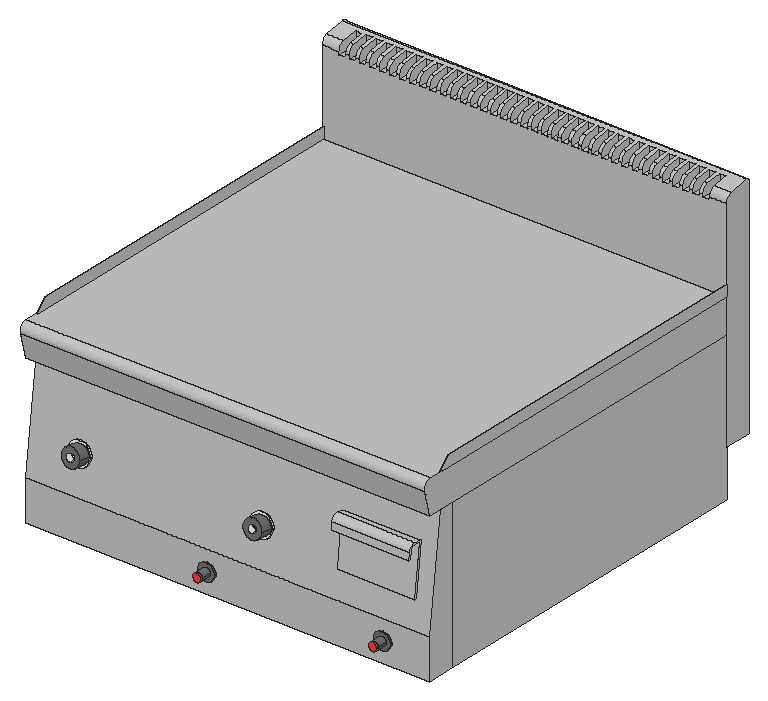
Revit family "QF_GIORIK_LGG6930", category Specialty Equipment, Revit 2014
Parameters (values of type "LGG6930")
  Weight in Pounds = 132.2772
  URL Cutsheet = "www.giorik.com"
  URL = "www.giorik.com"
  Status [instance] = ""
  Specification by User [instance] = ""
  Specification by Manufacturer = ""
  Show Logo [instance] = yes
  Show Clearance [instance] = yes
  Serial Number = ""
  Seismic Rating = ""
  SMACNA No = ""
  Revision Code [instance] = ""
  NAFEM Spec ID Number = ""
  Model = "LGG6930"
  Mechanical Remarks [instance] = "Natural Gas"
  Mechanical Connection Type [instance] = ""
  Masterspec = ""
  Manufacturer = "GIORIK"
  Item Number [instance] = ""
  Installed By [instance] = ""
  Identify Quantity as Lot [instance] = no
  Gas Size = 1"
  Gas RI Height [instance] = 0 mm
  Gas KW = 7.6
  Gas Input = 7600 W
  Gas Connection Height [instance] = 45 mm
  Furnished By [instance] = ""
  Foodservice Equipment Identifier [instance] = yes
  Description = "GRIDDLE SMOOTH"
  CSI MasterFormat = ""
  Assembly Code = "E1090320"
Reference planes
  plane 1 "Back": y = 0
  plane 2: z = 0
  plane 3 "Left": x = 0
  plane 4 "Right": x = 600
  plane 5 "Front": y = -600
  plane 6 "Top": z = 430
Forms (mm)
  Extrusion 1, solid
    sketch origin (0, 1000, -580) x (0, 1, 0) y (0, 0, 1)
      loop
        line (-1040.007, 869.975) -> (-1589.445, 869.975)
        arc (-1589.445, 869.975) -> (-1598.171, 865.672) -> (-1600.069, 856.13) r 10.999
        line (-1600.069, 856.13) -> (-1590.388, 820) -> (-1040.007, 820) -> (-1040.007, 869.975)
    from 0 to 600
  Extrusion 2, solid
    sketch origin (0, 0, -560) x (0, 1, 0) y (0, 0, 1)
      loop
        line (-570.06, 849.975) -> (-40.007, 849.975) -> (-40.007, 865.387) -> (-554.648, 865.387) -> (-570.06, 849.975)
    from 0 to 1.85
  Extrusion 3, solid
    sketch origin (0, 0, -560) x (0, 1, 0) y (0, 0, 1)
      loop
        line (-40.007, 800) -> (-550, 800) -> (-550, 580) -> (-40.007, 580) -> (-40.007, 800)
    from 0 to 600
  Extrusion 4, solid
    sketch origin (0, 0, -560) x (0, 1, 0) y (0, 0, 1)
      loop
        line (-550, 800) -> (-570.5, 800) -> (-590, 640) -> (-590, 580) -> (-550, 580) -> (-550, 800)
    from 0 to 600
  Extrusion 5, solid
    sketch origin (598.094, 0, -560) x (0, 1, 0) y (0, 0, 1)
      loop
        line (-570.06, 849.975) -> (-40.007, 849.975) -> (-40.007, 865.387) -> (-554.648, 865.387) -> (-570.06, 849.975)
    from -0.15 to 1.906
  Extrusion 6, solid
    sketch origin (0, 0, -560) x (0, 1, 0) y (0, 0, 1)
      loop
        line (-40.007, 974.217) -> (-40.007, 650.827) -> (0, 650.827) -> (0, 988.42)
        arc (0, 988.42) -> (-0.57, 989.648) -> (-1.878, 990) r 1.6
        line (-1.878, 990) -> (-31.072, 984.852)
        arc (-31.072, 984.852) -> (-37.477, 981.162) -> (-40.007, 974.217) r 10.797
    from 0 to 600
  Extrusion 7, solid
    sketch origin (103.819, 0, -561) x (1, 0, 0) y (0, 0, 1)
      loop
        circle (-38.319, 606) r 12.5
    from 20.007 to 40.007
  Extrusion 8, void
    sketch origin (10, 0, 430) x (0, 1, 0) y (-1, 0, 0)
      loop
        line (-40.007, -25) -> (-9.931, -25) -> (-9.931, -15) -> (-40.007, -15) -> (-40.007, -25)
      loop
        line (-40.007, -40) -> (-9.931, -40) -> (-9.931, -30) -> (-40.007, -30) -> (-40.007, -40)
      loop
        line (-40.007, -55) -> (-9.931, -55) -> (-9.931, -45) -> (-40.007, -45) -> (-40.007, -55)
      loop
        line (-40.007, -70) -> (-9.931, -70) -> (-9.931, -60) -> (-40.007, -60) -> (-40.007, -70)
      loop
        line (-40.007, -85) -> (-9.931, -85) -> (-9.931, -75) -> (-40.007, -75) -> (-40.007, -85)
      loop
        line (-40.007, -100) -> (-9.931, -100) -> (-9.931, -90) -> (-40.007, -90) -> (-40.007, -100)
      loop
        line (-40.007, -115) -> (-9.931, -115) -> (-9.931, -105) -> (-40.007, -105) -> (-40.007, -115)
      loop
        line (-40.007, -130) -> (-9.931, -130) -> (-9.931, -120) -> (-40.007, -120) -> (-40.007, -130)
      loop
        line (-40.007, -145) -> (-9.931, -145) -> (-9.931, -135) -> (-40.007, -135) -> (-40.007, -145)
      loop
        line (-40.007, -160) -> (-9.931, -160) -> (-9.931, -150) -> (-40.007, -150) -> (-40.007, -160)
      loop
        line (-40.007, -175) -> (-9.931, -175) -> (-9.931, -165) -> (-40.007, -165) -> (-40.007, -175)
      loop
        line (-40.007, -190) -> (-9.931, -190) -> (-9.931, -180) -> (-40.007, -180) -> (-40.007, -190)
      loop
        line (-40.007, -205) -> (-9.931, -205) -> (-9.931, -195) -> (-40.007, -195) -> (-40.007, -205)
      loop
        line (-40.007, -220) -> (-9.931, -220) -> (-9.931, -210) -> (-40.007, -210) -> (-40.007, -220)
      loop
        line (-40.007, -235) -> (-9.931, -235) -> (-9.931, -225) -> (-40.007, -225) -> (-40.007, -235)
      loop
        line (-40.007, -250) -> (-9.931, -250) -> (-9.931, -240) -> (-40.007, -240) -> (-40.007, -250)
      loop
        line (-40.007, -265) -> (-9.931, -265) -> (-9.931, -255) -> (-40.007, -255) -> (-40.007, -265)
      loop
        line (-40.007, -280) -> (-9.931, -280) -> (-9.931, -270) -> (-40.007, -270) -> (-40.007, -280)
      loop
        line (-40.007, -295) -> (-9.931, -295) -> (-9.931, -285) -> (-40.007, -285) -> (-40.007, -295)
      loop
        line (-40.007, -310) -> (-9.931, -310) -> (-9.931, -300) -> (-40.007, -300) -> (-40.007, -310)
      loop
        line (-40.007, -325) -> (-9.931, -325) -> (-9.931, -315) -> (-40.007, -315) -> (-40.007, -325)
      loop
        line (-40.007, -340) -> (-9.931, -340) -> (-9.931, -330) -> (-40.007, -330) -> (-40.007, -340)
      loop
        line (-40.007, -355) -> (-9.931, -355) -> (-9.931, -345) -> (-40.007, -345) -> (-40.007, -355)
      loop
        line (-40.007, -370) -> (-9.931, -370) -> (-9.931, -360) -> (-40.007, -360) -> (-40.007, -370)
      loop
        line (-40.007, -385) -> (-9.931, -385) -> (-9.931, -375) -> (-40.007, -375) -> (-40.007, -385)
      loop
        line (-40.007, -400) -> (-9.931, -400) -> (-9.931, -390) -> (-40.007, -390) -> (-40.007, -400)
      loop
        line (-40.007, -415) -> (-9.931, -415) -> (-9.931, -405) -> (-40.007, -405) -> (-40.007, -415)
      loop
        line (-40.007, -430) -> (-9.931, -430) -> (-9.931, -420) -> (-40.007, -420) -> (-40.007, -430)
      loop
        line (-40.007, -445) -> (-9.931, -445) -> (-9.931, -435) -> (-40.007, -435) -> (-40.007, -445)
      loop
        line (-40.007, -460) -> (-9.931, -460) -> (-9.931, -450) -> (-40.007, -450) -> (-40.007, -460)
      loop
        line (-40.007, -475) -> (-9.931, -475) -> (-9.931, -465) -> (-40.007, -465) -> (-40.007, -475)
      loop
        line (-40.007, -490) -> (-9.931, -490) -> (-9.931, -480) -> (-40.007, -480) -> (-40.007, -490)
      loop
        line (-40.007, -505) -> (-9.931, -505) -> (-9.931, -495) -> (-40.007, -495) -> (-40.007, -505)
      loop
        line (-40.007, -520) -> (-9.931, -520) -> (-9.931, -510) -> (-40.007, -510) -> (-40.007, -520)
      loop
        line (-40.007, -535) -> (-9.931, -535) -> (-9.931, -525) -> (-40.007, -525) -> (-40.007, -535)
      loop
        line (-40.007, -550) -> (-9.931, -550) -> (-9.931, -540) -> (-40.007, -540) -> (-40.007, -550)
      loop
        line (-40.007, -565) -> (-9.931, -565) -> (-9.931, -555) -> (-40.007, -555) -> (-40.007, -565)
    from 0 to -20
  Extrusion 9, solid
    sketch origin (566.603, 15.293, -30) x (0, 1, 0) y (-1, 0, 0)
      loop
        circle (-79.293, 516.603) r 5
    from 41.965 to 50
  Revolve 10, solid
    sketch origin (50, 19.943, -600) x (0, 1, 0) y (0, 0, 1)
      loop
        line (-83.943, 611.965) -> (-94.752, 611.965) -> (-97.943, 600) -> (-83.943, 600) -> (-83.943, 611.965)
      axis (-83.943, 611.965) -> (-83.943, 600)
    angle from 0 to 360
  Extrusion 11, solid
    sketch origin (33.397, 15.293, -30) x (0, 1, 0) y (-1, 0, 0)
      loop
        circle (-79.293, -516.603) r 5
    from 41.965 to 50
  Revolve 12, solid
    sketch origin (550, 19.943, -600) x (0, 1, 0) y (0, 0, -1)
      loop
        line (-83.943, -611.965) -> (-83.943, -600) -> (-97.943, -600) -> (-94.752, -611.965) -> (-83.943, -611.965)
      axis (-83.943, -611.965) -> (-83.943, -600)
    angle from 0 to 360
  Extrusion 13, solid
    sketch origin (566.603, -459.707, -30) x (0, 1, 0) y (-1, 0, 0)
      loop
        circle (-79.293, 516.603) r 5
    from 41.965 to 50
  Revolve 14, solid
    sketch origin (50, -455.057, -600) x (0, 1, 0) y (0, 0, 1)
      loop
        line (-83.943, 611.965) -> (-94.752, 611.965) -> (-97.943, 600) -> (-83.943, 600) -> (-83.943, 611.965)
      axis (-83.943, 611.965) -> (-83.943, 600)
    angle from 0 to 360
  Extrusion 15, solid
    sketch origin (33.397, -459.707, -30) x (0, 1, 0) y (-1, 0, 0)
      loop
        circle (-79.293, -516.603) r 5
    from 41.965 to 50
  Revolve 16, solid
    sketch origin (550, -455.057, -600) x (0, 1, 0) y (0, 0, -1)
      loop
        line (-83.943, -611.965) -> (-83.943, -600) -> (-97.943, -600) -> (-94.752, -611.965) -> (-83.943, -611.965)
      axis (-83.943, -611.965) -> (-83.943, -600)
    angle from 0 to 360
  Extrusion 17, solid
    sketch origin (322.5, -693.34, -437.283) x (0, 0.992655, -0.12098) y (0, 0.12098, 0.992655)
      loop
        line (40, 640.1) -> (30, 640.1)
        arc (30, 640.1) -> (22.929, 637.171) -> (20, 630.1) r 10
        line (20, 630.1) -> (20, 620.1) -> (22, 620.1) -> (22, 630.1)
        arc (22, 630.1) -> (24.343, 635.757) -> (30, 638.1) r 8
        line (30, 638.1) -> (38, 638.1) -> (38, 565.1) -> (40, 565.1) -> (40, 640.1)
    from 137.5 to 252.5
  Extrusion 18, solid
    sketch origin (491.281, -565.645, -661.909) x (1, 0, 0) y (0, 0.001091, 0.999999)
      loop
        circle (38.702, 711.666) r 12.5
    from 25 to 27
  Extrusion 19, solid
    sketch origin (-234.927, -592.652, -668.302) x (1, 0, 0) y (0, 0.001091, 0.999999)
      loop
        circle (764.91, 718.089) r 6
    from 0 to 15
  Extrusion 20, solid
    sketch origin (-234.927, -593.814, -668.301) x (1, 0, 0) y (0, 0.001091, 0.999999)
      loop
        circle (764.91, 718.089) r 6
    from 13.838 to 15.838
  Extrusion 21, solid
    sketch origin (74.983, -612.2, -102.367) x (1, 0, 0) y (0, 0.12098, 0.992655)
      loop
        circle (0, 240) r 14
    from 0 to 17.552
  Extrusion 22, solid
    sketch origin (74.983, -612.2, -102.367) x (1, 0, 0) y (0, 0.12098, 0.992655)
      loop
        circle (0, 240) r 17
    from 0 to 1.96
  Extrusion 23, solid
    sketch origin (4.983, -21.489, -73.492) x (1, 0, 0) y (0, 0.12098, 0.992655)
      loop
        circle (70, 139.874) r 5
    from 601.431 to 599.431
  Extrusion 24, solid
    sketch origin (344.983, -612.2, -102.367) x (1, 0, 0) y (0, 0.12098, 0.992655)
      loop
        circle (0, 240) r 14
    from 0 to 17.552
  Extrusion 25, solid
    sketch origin (344.983, -612.2, -102.367) x (1, 0, 0) y (0, 0.12098, 0.992655)
      loop
        circle (0, 240) r 17
    from 0 to 1.96
  Extrusion 26, solid
    sketch origin (274.983, -21.489, -73.492) x (1, 0, 0) y (0, 0.12098, 0.992655)
      loop
        circle (70, 139.874) r 5
    from 601.431 to 599.431
  Extrusion 27, solid
    sketch origin (230.281, -565.645, -661.909) x (1, 0, 0) y (0, 0.001091, 0.999999)
      loop
        circle (38.702, 711.666) r 12.5
    from 25 to 27
  Extrusion 28, solid
    sketch origin (-495.927, -592.652, -668.302) x (1, 0, 0) y (0, 0.001091, 0.999999)
      loop
        circle (764.91, 718.089) r 6
    from 0 to 15
  Extrusion 29, solid
    sketch origin (-495.927, -593.814, -668.301) x (1, 0, 0) y (0, 0.001091, 0.999999)
      loop
        circle (764.91, 718.089) r 6
    from 13.838 to 15.838
Cuts and joins
  Extrusion 8 cuts Extrusion 6
Lines and regions (mm)
  symbolic lines, style "200-EquipBorder-2D"
    curve 1: line (600, 0, 0) -> (0, 0, 0)
    curve 2: line (0, 0, 0) -> (0, -600, 0)
    curve 119: line (0, -600, 430) -> (600, -600, 430)
    curve 120: line (600, -600, 430) -> (600, 0, 430)
    curve 121: line (262.983, -608.868, 430) -> (262.983, -600, 430)
    curve 122: line (262.983, -608.868, 430) -> (274.983, -608.868, 430)
    curve 123: line (274.983, -608.868, 430) -> (274.983, -600, 430)
    curve 124: line (523.983, -608.868, 430) -> (535.983, -608.868, 430)
    curve 125: line (535.983, -608.868, 430) -> (535.983, -600, 430)
    curve 126: line (523.983, -608.868, 430) -> (523.983, -600, 430)
  symbolic lines, style "200-EquipInternal-2D"
    curve 3: line (600, -40.007, 430) -> (0, -40.007, 430)
    curve 4: line (597.944, -570.06, 430) -> (600, -570.06, 430)
    curve 5: line (597.944, -40.007, 430) -> (597.944, -570.06, 430)
    curve 6: line (0, -570.06, 430) -> (1.85, -570.06, 430)
    curve 7: line (1.85, -570.06, 430) -> (1.85, -40.007, 430)
    curve 8: line (25, -9.931, 290) -> (25, -40.007, 290)
    curve 9: line (35, -40.007, 290) -> (35, -9.931, 290)
    curve 10: line (40, -9.931, 290) -> (40, -40.007, 290)
    curve 11: line (50, -40.007, 290) -> (50, -9.931, 290)
    curve 12: line (55, -9.931, 290) -> (55, -40.007, 290)
    curve 13: line (65, -40.007, 290) -> (65, -9.931, 290)
    curve 14: line (85, -9.931, 290) -> (85, -40.007, 290)
    curve 15: line (95, -40.007, 290) -> (95, -9.931, 290)
    curve 16: line (100, -9.931, 290) -> (100, -40.007, 290)
    curve 17: line (110, -40.007, 290) -> (110, -9.931, 290)
    curve 18: line (140, -40.007, 290) -> (140, -9.931, 290)
    curve 19: line (130, -9.931, 290) -> (130, -40.007, 290)
    curve 20: line (155, -40.007, 290) -> (155, -9.931, 290)
    curve 21: line (160, -9.931, 290) -> (160, -40.007, 290)
    curve 22: line (170, -40.007, 290) -> (170, -9.931, 290)
    curve 23: line (145, -9.931, 290) -> (145, -40.007, 290)
    curve 24: line (200, -40.007, 290) -> (200, -9.931, 290)
    curve 25: line (190, -9.931, 290) -> (190, -40.007, 290)
    curve 26: line (205, -9.931, 290) -> (205, -40.007, 290)
    curve 27: line (215, -40.007, 290) -> (215, -9.931, 290)
    curve 28: line (220, -9.931, 290) -> (220, -40.007, 290)
    curve 29: line (230, -40.007, 290) -> (230, -9.931, 290)
    curve 30: line (250, -9.931, 290) -> (250, -40.007, 290)
    curve 31: line (260, -40.007, 290) -> (260, -9.931, 290)
    curve 32: line (265, -9.931, 290) -> (265, -40.007, 290)
    curve 33: line (275, -40.007, 290) -> (275, -9.931, 290)
    curve 34: line (280, -9.931, 290) -> (280, -40.007, 290)
    curve 35: line (290, -40.007, 290) -> (290, -9.931, 290)
    curve 36: line (320, -40.007, 290) -> (320, -9.931, 290)
    curve 37: line (310, -9.931, 290) -> (310, -40.007, 290)
    curve 38: line (335, -40.007, 290) -> (335, -9.931, 290)
    curve 39: line (325, -9.931, 290) -> (325, -40.007, 290)
    curve 40: line (340, -9.931, 290) -> (340, -40.007, 290)
    curve 41: line (350, -40.007, 290) -> (350, -9.931, 290)
    curve 42: line (370, -9.931, 290) -> (370, -40.007, 290)
    curve 43: line (380, -40.007, 290) -> (380, -9.931, 290)
    curve 44: line (385, -9.931, 290) -> (385, -40.007, 290)
    curve 45: line (395, -9.931, 290) -> (385, -9.931, 290)
    curve 46: line (380, -9.931, 290) -> (370, -9.931, 290)
    curve 47: line (350, -9.931, 290) -> (340, -9.931, 290)
    curve 48: line (335, -9.931, 290) -> (325, -9.931, 290)
    curve 49: line (320, -9.931, 290) -> (310, -9.931, 290)
    curve 50: line (275, -9.931, 290) -> (265, -9.931, 290)
    curve 51: line (110, -9.931, 290) -> (100, -9.931, 290)
    curve 52: line (95, -9.931, 290) -> (85, -9.931, 290)
    curve 53: line (65, -9.931, 290) -> (55, -9.931, 290)
    curve 54: line (35, -9.931, 290) -> (25, -9.931, 290)
    curve 55: line (140, -9.931, 290) -> (130, -9.931, 290)
    curve 56: line (155, -9.931, 290) -> (145, -9.931, 290)
    curve 57: line (170, -9.931, 290) -> (160, -9.931, 290)
    curve 58: line (200, -9.931, 290) -> (190, -9.931, 290)
    curve 59: line (215, -9.931, 290) -> (205, -9.931, 290)
    curve 60: line (230, -9.931, 290) -> (220, -9.931, 290)
    curve 61: line (260, -9.931, 290) -> (250, -9.931, 290)
    curve 62: line (50, -9.931, 290) -> (40, -9.931, 290)
    curve 63: line (70, -9.931, 430) -> (70, -40.007, 430)
    curve 64: line (80, -40.007, 430) -> (80, -9.931, 430)
    curve 65: line (80, -9.931, 430) -> (70, -9.931, 430)
    curve 66: line (115, -9.931, 430) -> (115, -40.007, 430)
    curve 67: line (125, -40.007, 430) -> (125, -9.931, 430)
    curve 68: line (125, -9.931, 430) -> (115, -9.931, 430)
    curve 69: line (175, -9.931, 430) -> (175, -40.007, 430)
    curve 70: line (185, -40.007, 430) -> (185, -9.931, 430)
    curve 71: line (185, -9.931, 430) -> (175, -9.931, 430)
    curve 72: line (235, -9.931, 430) -> (235, -40.007, 430)
    curve 73: line (245, -40.007, 430) -> (245, -9.931, 430)
    curve 74: line (245, -9.931, 430) -> (235, -9.931, 430)
    curve 75: line (290, -9.931, 430) -> (280, -9.931, 430)
    curve 76: line (305, -9.931, 430) -> (295, -9.931, 430)
    curve 77: line (295, -9.931, 430) -> (295, -40.007, 430)
    curve 78: line (305, -40.007, 430) -> (305, -9.931, 430)
    curve 79: line (355, -9.931, 430) -> (355, -40.007, 430)
    curve 80: line (365, -40.007, 430) -> (365, -9.931, 430)
    curve 81: line (365, -9.931, 430) -> (355, -9.931, 430)
    curve 82: line (395, -40.007, 430) -> (395, -9.931, 430)
    curve 83: line (400, -9.931, 430) -> (400, -40.007, 430)
    curve 84: line (410, -40.007, 430) -> (410, -9.931, 430)
    curve 85: line (410, -9.931, 430) -> (400, -9.931, 430)
    curve 86: line (425, -9.931, 430) -> (415, -9.931, 430)
    curve 87: line (415, -9.931, 430) -> (415, -40.007, 430)
    curve 88: line (425, -40.007, 430) -> (425, -9.931, 430)
    curve 89: line (430, -9.931, 430) -> (430, -40.007, 430)
    curve 90: line (440, -40.007, 430) -> (440, -9.931, 430)
    curve 91: line (440, -9.931, 430) -> (430, -9.931, 430)
    curve 92: line (445, -9.931, 430) -> (445, -40.007, 430)
    curve 93: line (455, -40.007, 430) -> (455, -9.931, 430)
    curve 94: line (460, -9.931, 430) -> (460, -40.007, 430)
    curve 95: line (470, -40.007, 430) -> (470, -9.931, 430)
    curve 96: line (475, -9.931, 430) -> (475, -40.007, 430)
    curve 97: line (485, -40.007, 430) -> (485, -9.931, 430)
    curve 98: line (490, -9.931, 430) -> (490, -40.007, 430)
    curve 99: line (500, -40.007, 430) -> (500, -9.931, 430)
    curve 100: line (505, -9.931, 430) -> (505, -40.007, 430)
    curve 101: line (515, -40.007, 430) -> (515, -9.931, 430)
    curve 102: line (520, -9.931, 430) -> (520, -40.007, 430)
    curve 103: line (530, -40.007, 430) -> (530, -9.931, 430)
    curve 104: line (535, -9.931, 430) -> (535, -40.007, 430)
    curve 105: line (545, -40.007, 430) -> (545, -9.931, 430)
    curve 106: line (550, -9.931, 430) -> (550, -40.007, 430)
    curve 107: line (560, -40.007, 430) -> (560, -9.931, 430)
    curve 108: line (565, -9.931, 430) -> (565, -40.007, 430)
    curve 109: line (455, -9.931, 430) -> (445, -9.931, 430)
    curve 110: line (470, -9.931, 430) -> (460, -9.931, 430)
    curve 111: line (485, -9.931, 430) -> (475, -9.931, 430)
    curve 112: line (500, -9.931, 430) -> (490, -9.931, 430)
    curve 113: line (515, -9.931, 430) -> (505, -9.931, 430)
    curve 114: line (530, -9.931, 430) -> (520, -9.931, 430)
    curve 115: line (545, -9.931, 430) -> (535, -9.931, 430)
    curve 116: line (560, -9.931, 430) -> (550, -9.931, 430)
    curve 117: line (575, -9.931, 430) -> (565, -9.931, 430)
    curve 118: line (575, -40.007, 430) -> (575, -9.931, 430)
Dimensions and locks
  plane 3 "Left" to plane 4 "Right" = 600 mm
  plane 5 "Front" to plane 1 "Back" = 600 mm
  plane 4 "Right" to plane 3 "Left" = 600 mm
  plane 1 "Back" to plane 5 "Front" = 600 mm
  plane 6 "Top" to level = 430 mm  (x2)
  aligned and locked: level to plane 2
Connectors
  piping at (65.5, -20.007, 45), diameter 25.4, driven by "Gas Size"
    settings: on Extrusion 7, index 1, connector inside diameter 24", connector length 0 mm, flow factor 0, pipe flow 0.0 L/s, pressure drop 0.0 Pa, fitting loss kfactor 0, connector angle 0.00°, fixture units 0, engagement length 0 mm, angle of deflection 0.00°, flow configuration 1, flow direction 1, fitting loss method 0, system type 22, joint type 0, gender type 0, connector reference index -1, connector utility 0, adjustable connector no, is connector primary yes, connector description "Gas inlet"
